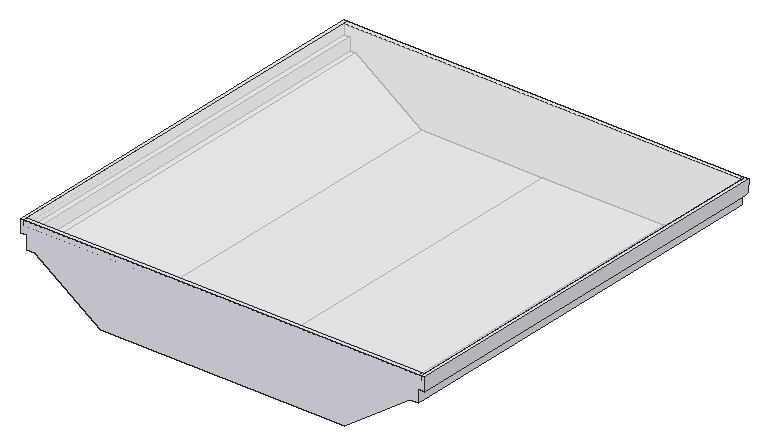
Revit family "JT8-22", category Lighting Fixtures, host Face, Revit 2012
Parameters (values of type "JT822-232U6G-FSA12")
  Wattage Comments = "28-51 W"
  Wattage = 9.2903 W
  built-in parameter 1150110 = 1 (stored number, unit not read)
  URL = "http://www.columbialighting.com/"
  built-in parameter 1114217 = 1 (stored number, unit not read)
  Tilt Angle = 90.00°
  built-in parameter 1150109 = 1 (stored number, unit not read)
  built-in parameter 1150134 = 3
  built-in parameter 1150113 = 1 (stored number, unit not read)
  Product Specification Sheet = "http://www.columbialighting.com/products/jt8"
  Product Page URL = "http://www.columbialighting.com/content/products/specs/specs_files/jt822.pdf"
  Photometric Web File = "13122.IES"
  Model = "JT8 22"  # constant formula
  Manufacturer Phone = "(864)-678-1000"  # constant formula
  Manufacturer Fax = "(864)-678-1065"  # constant formula
  Manufacturer = "Columbia Lighting"  # constant formula
  built-in parameter 1150105 = 109.82 (stored number, unit not read)
  Lumens = 1380 lm
  built-in parameter 1150115 = 1 (stored number, unit not read)
  built-in parameter 1150137 = (empty or 0)
  built-in parameter 1150139 = (empty or 0)
  built-in parameter 1150112 = 1 (stored number, unit not read)
  built-in parameter 1150114 = 1 (stored number, unit not read)
  Lamp = "Two,Three & Four"
  built-in parameter 1150132 = (empty or 0)
  built-in parameter 1150102 = (empty or 0)
  built-in parameter 1150107 = 3200 (stored number, unit not read)
  built-in parameter 1150138 = (empty or 0)
  built-in parameter 1150106 = 1.0982 (stored number, unit not read)
  Glass = Glass
  Finish = Steel
  Emit from Line Length = 24"
  built-in parameter 1150104 = 13.8 (stored number, unit not read)
  Dimming Lamp Color Temperature Shift = <None>
  Description = "Dedicated T8 Lensed Troffer"  # constant formula
  Default Elevation = 48"
  Color Filter = 16777215
  built-in parameter 1114218 = 1 (stored number, unit not read)
  built-in parameter 1150133 = 10 (stored number, unit not read)
  Apparent Load = 0 VA
Reference planes (in)
  plane 1 "Center (Front/Back)": y = 0
  plane 2: z = 0
  plane 3 "Center (Left/Right)": x = 0
  plane 4: x = -12
  plane 5: x = 12
  plane 6: y = 12
  plane 7: y = -12
  plane 8: z = -4.25
  plane 9: y = 23.75
  plane 10: y = -23.75
Forms (in)
  Extrusion 1, void
    sketch origin (0.5, -180, 2.21291) x (0, -1, 0) y (1, 0, 0)
      loop
        line (-192, -12.5) -> (-168, -12.5) -> (-168, 11.5) -> (-192, 11.5) -> (-192, -12.5)
    from -2.21291 to -6.46291
  Extrusion 2, solid, material "Steel" <- "Finish"
    sketch origin (0, 0, -3.125) x (-1, 0, 0) y (0, 0, -1)
      loop
        line (11.14208, -1.59949) -> (7.25111, 1.125) -> (-7.25111, 1.125) -> (-11.14208, -1.59949) -> (-11.64208, -1.59949) -> (-11.64208, -2.34949) -> (-12, -2.34949) -> (-12, -3.125) -> (-11.80078, -3.125) -> (-11.80078, -2.54871) -> (-11.44286, -2.54871) -> (-11.44286, -1.79871) -> (-11.07927, -1.79871) -> (-7.1883, 0.92578) -> (0, 0.92578) -> (7.1883, 0.92578) -> (11.07927, -1.79871) -> (11.44286, -1.79871) -> (11.44286, -2.54871) -> (11.80078, -2.54871) -> (11.80078, -3.125) -> (12, -3.125) -> (12, -2.34949) -> (11.64208, -2.34949) -> (11.64208, -1.59949) -> (11.14208, -1.59949)
    from -12 to 12
  Extrusion 3, solid, material "Glass" <- "Glass"
    sketch origin (0, 0, 4.25) x (-1, 0, 0) y (0, 0, -1)
      loop
        line (-11.80078, 4.25) -> (11.80078, 4.25) -> (11.80078, 4.55078) -> (-11.80078, 4.55078) -> (-11.80078, 4.25)
    from -12 to 12
  Extrusion 4, solid, material "Steel" <- "Finish"
    sketch origin (-0.125, 12, -3.125) x (-1, 0, 0) y (0, 0, -1)
      loop
        line (-12.125, -2.625) -> (-12.125, -3.125) -> (-11.80078, -3.125) -> (11.80078, -3.125) -> (11.875, -3.125) -> (11.875, -2.625) -> (11.875, -2.34949) -> (11.51708, -2.34949) -> (11.51708, -1.59949) -> (11.01708, -1.59949) -> (7.12611, 1.125) -> (0, 1.125) -> (-7.37611, 1.125) -> (-11.26708, -1.59949) -> (-11.76708, -1.59949) -> (-11.76708, -2.34949) -> (-12.125, -2.34949) -> (-12.125, -2.625)
    from 23.75 to 24
  Extrusion 5, solid, material "Steel" <- "Finish"
    sketch origin (-0.125, -12, -3.125) x (-1, 0, 0) y (0, 0, 1)
      loop
        line (-12.125, 2.625) -> (-12.125, 2.34949) -> (-11.76708, 2.34949) -> (-11.76708, 1.59949) -> (-11.26708, 1.59949) -> (-7.37611, -1.125) -> (0, -1.125) -> (7.12611, -1.125) -> (11.01708, 1.59949) -> (11.51708, 1.59949) -> (11.51708, 2.34949) -> (11.875, 2.34949) -> (11.875, 2.625) -> (11.875, 3.125) -> (11.80078, 3.125) -> (-11.80078, 3.125) -> (-12.125, 3.125) -> (-12.125, 2.625)
    from 23.75 to 24
Cuts and joins
  joined: Extrusion 2, Extrusion 4, Extrusion 5
Dimensions and locks (in)
  plane 7 to plane 1 "Center (Front/Back)" = 12"
  plane 6 to plane 1 "Center (Front/Back)" = 12"
  locked: plane 4 to plane 3 "Center (Left/Right)" at 12
  locked: plane 8 to plane 2 at 4.25
  locked: plane 5 to plane 3 "Center (Left/Right)" at 12
  aligned and locked: host face to plane 2
  aligned and locked: level to host face
  aligned and locked: Extrusion 1 sketch curve to plane 6
  aligned and locked: Extrusion 1 sketch curve to plane 4
  aligned and locked: Extrusion 1 sketch curve to plane 7
  aligned and locked: plane 5 to Extrusion 1 sketch curve
  aligned and locked: Extrusion 2 to plane 7
  aligned and locked: Extrusion 2 to plane 6
  aligned and locked: Extrusion 2 to Extrusion 3  (x2)
  aligned and locked: Extrusion 1 to plane 8
  aligned and locked: Extrusion 4 sketch curve to plane 8
  aligned and locked: imposter light to plane 1 "Center (Front/Back)"
  aligned and locked: imposter light to cut or joined group of Extrusion 2, Extrusion 4, Extrusion 5
Connectors (in)
  electrical at (0, 0, -4.25), driven by "Description", driven by "Apparent Load"
    settings: on cut or joined group of Extrusion 2, Extrusion 4, Extrusion 5, index 1, voltage 0 V, apparent load 0 VA, apparent load phase1 0 VA, apparent load phase2 0 VA, apparent load phase3 0 VA, power factor 1, load classification "Other", number of poles 2, system type 30, power factor state 1, is connector primary yes, connector utility no, sub classification motor no, connector description "Dedicated T8 Lensed Troffer"
